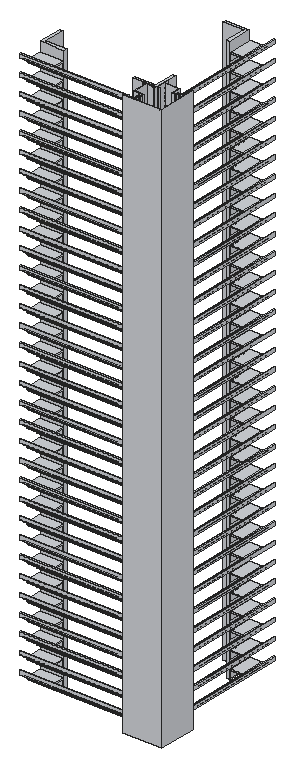
Revit family "ES-EL-2 (Box Corner)", category Mechanical Equipment, Revit 2015 (continued)
Automatic sketch dimensions
  Extrusion 56 sketch curve to Extrusion 56 sketch curve = 0' - 0.05466"
  Extrusion 56 sketch curve to Extrusion 56 sketch curve = 0' - 0.08634"
  Extrusion 56 sketch curve to Extrusion 56 sketch curve = 0' - 0.0603"
  Extrusion 56 sketch curve to Extrusion 56 sketch curve = 0' - 0.05923"
  Extrusion 56 sketch curve to Extrusion 56 sketch curve = 0' - 0.03824"
  Extrusion 56 sketch curve to Extrusion 56 sketch curve = 0' - 0.02856"
  Extrusion 56 sketch curve to Extrusion 56 sketch curve = 0' - 0.01716"
  Extrusion 56 sketch curve to Extrusion 56 sketch curve = 0' - 0.08747"
  Extrusion 56 sketch curve to Extrusion 56 sketch curve = 0' - 0.01878"
  Extrusion 56 sketch curve to Extrusion 56 sketch curve = 0' - 0.03113"
  Extrusion 56 sketch curve to Extrusion 56 sketch curve = 0' - 0.06323"
  Extrusion 56 sketch curve to Extrusion 56 sketch curve = 0' - 0.04564"
  Extrusion 56 sketch curve to Extrusion 56 sketch curve = 0' - 0.03681"
  Extrusion 56 sketch curve to Extrusion 56 sketch curve = 0' - 0.00656"
  Extrusion 56 sketch curve to Extrusion 56 sketch curve = 0' - 0.04106"
  Extrusion 56 sketch curve to Extrusion 56 sketch curve = 0' - 0.04775"
  Extrusion 56 sketch curve to Extrusion 56 sketch curve = 0' - 0.03768"
  Extrusion 56 sketch curve to Extrusion 56 sketch curve = 0' - 0.03841"
  Extrusion 56 sketch curve to Extrusion 56 sketch curve = 0' - 0.03993"
  Extrusion 56 sketch curve to Extrusion 56 sketch curve = 0' - 0.01637"
  Extrusion 56 sketch curve to Extrusion 56 sketch curve = 0' - 0 1/8"
  Extrusion 56 sketch curve to Extrusion 56 sketch curve = 0' - 0.03201"
  Extrusion 56 sketch curve to Extrusion 56 sketch curve = 0' - 0.01218"
  Extrusion 56 sketch curve to Extrusion 56 sketch curve = 0' - 0.00093"
  Extrusion 56 sketch curve to Extrusion 56 sketch curve = 0' - 0.06293"
  Extrusion 56 sketch curve to Extrusion 56 sketch curve = 0' - 0.01359"
  Extrusion 56 sketch curve to Extrusion 56 sketch curve = 0' - 0.06169"
  Extrusion 56 sketch curve to Extrusion 56 sketch curve = 0' - 0.06257"
  Extrusion 56 sketch curve to Extrusion 56 sketch curve = 0' - 0.20021"
  Extrusion 56 sketch curve to Extrusion 56 sketch curve = 0' - 0.05817"
  Extrusion 56 sketch curve to Extrusion 56 sketch curve = 0' - 0.14616"
  Extrusion 56 sketch curve to Extrusion 56 sketch curve = 0' - 0.28177"
  Extrusion 56 sketch curve to Extrusion 56 sketch curve = 0' - 0.11395"
  Extrusion 56 sketch curve to Extrusion 56 sketch curve = 0' - 0.02803"
  Extrusion 56 sketch curve to Extrusion 56 sketch curve = 0' - 0.04285"
  Extrusion 56 sketch curve to Extrusion 56 sketch curve = 0' - 0.05082"
  Extrusion 56 sketch curve to Extrusion 56 sketch curve = 0' - 0.04592"
  Extrusion 56 sketch curve to Extrusion 56 sketch curve = 0' - 0.05616"
  Extrusion 56 sketch curve to Extrusion 56 sketch curve = 0' - 0.04871"
  Extrusion 57 sketch curve to Extrusion 57 sketch curve = 0' - 0.059"
  Extrusion 57 sketch curve to Extrusion 57 sketch curve = 0' - 0.09455"
  Extrusion 57 sketch curve to Extrusion 57 sketch curve = 0' - 0.16713"
  Extrusion 57 sketch curve to Extrusion 57 sketch curve = 0' - 0.10396"
  Extrusion 57 sketch curve to Extrusion 57 sketch curve = 0' - 0.04188"
  Extrusion 57 sketch curve to Extrusion 57 sketch curve = 0' - 0.07328"
  Extrusion 57 sketch curve to Extrusion 57 sketch curve = 0' - 0.03705"
  Extrusion 57 sketch curve to Extrusion 57 sketch curve = 0' - 0.06678"
  Extrusion 57 sketch curve to Extrusion 57 sketch curve = 0' - 0.03441"
  Extrusion 57 sketch curve to Extrusion 57 sketch curve = 0' - 0.08971"
  Extrusion 57 sketch curve to Extrusion 57 sketch curve = 0' - 0.06591"
  Extrusion 57 sketch curve to Extrusion 57 sketch curve = 0' - 0.02101"
  Extrusion 57 sketch curve to Extrusion 57 sketch curve = 0' - 0.08093"
  Extrusion 57 sketch curve to Extrusion 57 sketch curve = 0' - 0.0092"
  Extrusion 57 sketch curve to Extrusion 57 sketch curve = 0' - 0.0249"
  Extrusion 57 sketch curve to Extrusion 57 sketch curve = 0' - 0.04679"
  Extrusion 57 sketch curve to Extrusion 57 sketch curve = 0' - 0.04475"
  Extrusion 57 sketch curve to Extrusion 57 sketch curve = 0' - 0.03472"
  Extrusion 57 sketch curve to Extrusion 57 sketch curve = 0' - 0.04794"
  Extrusion 57 sketch curve to Extrusion 57 sketch curve = 0' - 0.09251"
  Extrusion 57 sketch curve to Extrusion 57 sketch curve = 0' - 0.01641"
  Extrusion 57 sketch curve to Extrusion 57 sketch curve = 0' - 0.10787"
  Extrusion 57 sketch curve to Extrusion 57 sketch curve = 0' - 0.07052"
  Extrusion 57 sketch curve to Extrusion 57 sketch curve = 0' - 0.02971"
  Extrusion 57 sketch curve to Extrusion 57 sketch curve = 0' - 0.03652"
  Extrusion 57 sketch curve to Extrusion 57 sketch curve = 0' - 0.06407"
  Extrusion 57 sketch curve to Extrusion 57 sketch curve = 0' - 0.0028"
  Extrusion 57 sketch curve to Extrusion 57 sketch curve = 0' - 0.17908"
  Extrusion 57 sketch curve to Extrusion 57 sketch curve = 0' - 0.0484"
  Extrusion 57 sketch curve to Extrusion 57 sketch curve = 0' - 0.00685"
  Extrusion 57 sketch curve to Extrusion 57 sketch curve = 0' - 0.02635"
  Extrusion 57 sketch curve to Extrusion 57 sketch curve = 0' - 0.03989"
  Extrusion 57 sketch curve to Extrusion 57 sketch curve = 0' - 0.07851"
  Extrusion 57 sketch curve to Extrusion 57 sketch curve = 0' - 0.04274"
  Extrusion 57 sketch curve to Extrusion 57 sketch curve = 0' - 0.05351"
  Extrusion 57 sketch curve to Extrusion 57 sketch curve = 0' - 0.13725"
  Extrusion 57 sketch curve to Extrusion 57 sketch curve = 0' - 0.01694"
  Extrusion 57 sketch curve to Extrusion 57 sketch curve = 0' - 0.06256"
  Extrusion 57 sketch curve to Extrusion 57 sketch curve = 0' - 0.06379"
  Extrusion 57 sketch curve to Extrusion 57 sketch curve = 0' - 0.06947"
  Extrusion 57 sketch curve to Extrusion 57 sketch curve = 0' - 0.00615"
  Extrusion 57 sketch curve to Extrusion 57 sketch curve = 0' - 0.0107"
  Extrusion 57 sketch curve to Extrusion 57 sketch curve = 0' - 0.06383"
  Extrusion 57 sketch curve to Extrusion 57 sketch curve = 0' - 0.00524"
  Extrusion 57 sketch curve to Extrusion 57 sketch curve = 0' - 0.05333"
  Extrusion 57 sketch curve to Extrusion 57 sketch curve = 0' - 0.02167"
  Extrusion 57 sketch curve to Extrusion 57 sketch curve = 0' - 0.06255"
  Extrusion 57 sketch curve to Extrusion 57 sketch curve = 0' - 0.01996"
  Extrusion 57 sketch curve to Extrusion 57 sketch curve = 0' - 0.07389"
  Extrusion 57 sketch curve to Extrusion 57 sketch curve = 0' - 0.08882"
  Extrusion 57 sketch curve to Extrusion 57 sketch curve = 0' - 0.14048"
  Extrusion 57 sketch curve to Extrusion 57 sketch curve = 0' - 0.13587"
  Extrusion 57 sketch curve to Extrusion 57 sketch curve = 0' - 0.03118"
  Extrusion 57 sketch curve to Extrusion 57 sketch curve = 0' - 0.07571"
  Extrusion 57 sketch curve to Extrusion 57 sketch curve = 0' - 0.01536"
  Extrusion 57 sketch curve to Extrusion 57 sketch curve = 0' - 0.04056"
  Extrusion 57 sketch curve to Extrusion 57 sketch curve = 0' - 0.01509"
  Extrusion 57 sketch curve to Extrusion 57 sketch curve = 0' - 0.03469"
  Extrusion 57 sketch curve to Extrusion 57 sketch curve = 0' - 0.06126"
  Extrusion 57 sketch curve to Extrusion 57 sketch curve = 0' - 0.11488"
  Extrusion 57 sketch curve to Extrusion 57 sketch curve = 0' - 0.04313"
  Extrusion 57 sketch curve to Extrusion 57 sketch curve = 0' - 0.03758"
  Extrusion 57 sketch curve to Extrusion 57 sketch curve = 0' - 0.00683"
  Extrusion 57 sketch curve to Extrusion 57 sketch curve = 0' - 0.05466"
  Extrusion 57 sketch curve to Extrusion 57 sketch curve = 0' - 0.08634"
  Extrusion 57 sketch curve to Extrusion 57 sketch curve = 0' - 0.0603"
  Extrusion 57 sketch curve to Extrusion 57 sketch curve = 0' - 0.05923"
  Extrusion 57 sketch curve to Extrusion 57 sketch curve = 0' - 0.03824"
  Extrusion 57 sketch curve to Extrusion 57 sketch curve = 0' - 0.02856"
  Extrusion 57 sketch curve to Extrusion 57 sketch curve = 0' - 0.01716"
  Extrusion 57 sketch curve to Extrusion 57 sketch curve = 0' - 0.08747"
  Extrusion 57 sketch curve to Extrusion 57 sketch curve = 0' - 0.01878"
  Extrusion 57 sketch curve to Extrusion 57 sketch curve = 0' - 0.03113"
  Extrusion 57 sketch curve to Extrusion 57 sketch curve = 0' - 0.06323"
  Extrusion 57 sketch curve to Extrusion 57 sketch curve = 0' - 0.04564"
  Extrusion 57 sketch curve to Extrusion 57 sketch curve = 0' - 0.03681"
  Extrusion 57 sketch curve to Extrusion 57 sketch curve = 0' - 0.00656"
  Extrusion 57 sketch curve to Extrusion 57 sketch curve = 0' - 0.04106"
  Extrusion 57 sketch curve to Extrusion 57 sketch curve = 0' - 0.04775"
  Extrusion 57 sketch curve to Extrusion 57 sketch curve = 0' - 0.03768"
  Extrusion 57 sketch curve to Extrusion 57 sketch curve = 0' - 0.03841"
  Extrusion 57 sketch curve to Extrusion 57 sketch curve = 0' - 0.03993"
  Extrusion 57 sketch curve to Extrusion 57 sketch curve = 0' - 0.01637"
  Extrusion 57 sketch curve to Extrusion 57 sketch curve = 0' - 0 1/8"
  Extrusion 57 sketch curve to Extrusion 57 sketch curve = 0' - 0.03201"
  Extrusion 57 sketch curve to Extrusion 57 sketch curve = 0' - 0.01218"
  Extrusion 57 sketch curve to Extrusion 57 sketch curve = 0' - 0.00093"
  Extrusion 57 sketch curve to Extrusion 57 sketch curve = 0' - 0.06293"
  Extrusion 57 sketch curve to Extrusion 57 sketch curve = 0' - 0.01359"
  Extrusion 57 sketch curve to Extrusion 57 sketch curve = 0' - 0.06169"
  Extrusion 57 sketch curve to Extrusion 57 sketch curve = 0' - 0.06257"
  Extrusion 57 sketch curve to Extrusion 57 sketch curve = 0' - 0.20021"
  Extrusion 57 sketch curve to Extrusion 57 sketch curve = 0' - 0.05817"
  Extrusion 57 sketch curve to Extrusion 57 sketch curve = 0' - 0.14616"
  Extrusion 57 sketch curve to Extrusion 57 sketch curve = 0' - 0.28177"
  Extrusion 57 sketch curve to Extrusion 57 sketch curve = 0' - 0.11395"
  Extrusion 57 sketch curve to Extrusion 57 sketch curve = 0' - 0.02803"
  Extrusion 57 sketch curve to Extrusion 57 sketch curve = 0' - 0.04285"
  Extrusion 57 sketch curve to Extrusion 57 sketch curve = 0' - 0.05082"
  Extrusion 57 sketch curve to Extrusion 57 sketch curve = 0' - 0.04592"
  Extrusion 57 sketch curve to Extrusion 57 sketch curve = 0' - 0.05616"
  Extrusion 57 sketch curve to Extrusion 57 sketch curve = 0' - 0.04871"
  Extrusion 58 sketch curve to Extrusion 58 sketch curve = 0' - 0.059"
  Extrusion 58 sketch curve to Extrusion 58 sketch curve = 0' - 0.09455"
  Extrusion 58 sketch curve to Extrusion 58 sketch curve = 0' - 0.16713"
  Extrusion 58 sketch curve to Extrusion 58 sketch curve = 0' - 0.10396"
  Extrusion 58 sketch curve to Extrusion 58 sketch curve = 0' - 0.04188"
  Extrusion 58 sketch curve to Extrusion 58 sketch curve = 0' - 0.07328"
  Extrusion 58 sketch curve to Extrusion 58 sketch curve = 0' - 0.03705"
  Extrusion 58 sketch curve to Extrusion 58 sketch curve = 0' - 0.06678"
  Extrusion 58 sketch curve to Extrusion 58 sketch curve = 0' - 0.03441"
  Extrusion 58 sketch curve to Extrusion 58 sketch curve = 0' - 0.08971"
  Extrusion 58 sketch curve to Extrusion 58 sketch curve = 0' - 0.06591"
  Extrusion 58 sketch curve to Extrusion 58 sketch curve = 0' - 0.02101"
  Extrusion 58 sketch curve to Extrusion 58 sketch curve = 0' - 0.08093"
  Extrusion 58 sketch curve to Extrusion 58 sketch curve = 0' - 0.0092"
  Extrusion 58 sketch curve to Extrusion 58 sketch curve = 0' - 0.0249"
  Extrusion 58 sketch curve to Extrusion 58 sketch curve = 0' - 0.04679"
  Extrusion 58 sketch curve to Extrusion 58 sketch curve = 0' - 0.04475"
  Extrusion 58 sketch curve to Extrusion 58 sketch curve = 0' - 0.03472"
  Extrusion 58 sketch curve to Extrusion 58 sketch curve = 0' - 0.04794"
  Extrusion 58 sketch curve to Extrusion 58 sketch curve = 0' - 0.09251"
  Extrusion 58 sketch curve to Extrusion 58 sketch curve = 0' - 0.01641"
  Extrusion 58 sketch curve to Extrusion 58 sketch curve = 0' - 0.10787"
  Extrusion 58 sketch curve to Extrusion 58 sketch curve = 0' - 0.07052"
  Extrusion 58 sketch curve to Extrusion 58 sketch curve = 0' - 0.02971"
  Extrusion 58 sketch curve to Extrusion 58 sketch curve = 0' - 0.03652"
  Extrusion 58 sketch curve to Extrusion 58 sketch curve = 0' - 0.06407"
  Extrusion 58 sketch curve to Extrusion 58 sketch curve = 0' - 0.0028"
  Extrusion 58 sketch curve to Extrusion 58 sketch curve = 0' - 0.17908"
  Extrusion 58 sketch curve to Extrusion 58 sketch curve = 0' - 0.0484"
  Extrusion 58 sketch curve to Extrusion 58 sketch curve = 0' - 0.00685"
  Extrusion 58 sketch curve to Extrusion 58 sketch curve = 0' - 0.02635"
  Extrusion 58 sketch curve to Extrusion 58 sketch curve = 0' - 0.03989"
  Extrusion 58 sketch curve to Extrusion 58 sketch curve = 0' - 0.07851"
  Extrusion 58 sketch curve to Extrusion 58 sketch curve = 0' - 0.04274"
  Extrusion 58 sketch curve to Extrusion 58 sketch curve = 0' - 0.05351"
  Extrusion 58 sketch curve to Extrusion 58 sketch curve = 0' - 0.13725"
  Extrusion 58 sketch curve to Extrusion 58 sketch curve = 0' - 0.01694"
  Extrusion 58 sketch curve to Extrusion 58 sketch curve = 0' - 0.06256"
  Extrusion 58 sketch curve to Extrusion 58 sketch curve = 0' - 0.06379"
  Extrusion 58 sketch curve to Extrusion 58 sketch curve = 0' - 0.06947"
  Extrusion 58 sketch curve to Extrusion 58 sketch curve = 0' - 0.00615"
  Extrusion 58 sketch curve to Extrusion 58 sketch curve = 0' - 0.0107"
  Extrusion 58 sketch curve to Extrusion 58 sketch curve = 0' - 0.06383"
  Extrusion 58 sketch curve to Extrusion 58 sketch curve = 0' - 0.00524"
  Extrusion 58 sketch curve to Extrusion 58 sketch curve = 0' - 0.05333"
  Extrusion 58 sketch curve to Extrusion 58 sketch curve = 0' - 0.02167"
  Extrusion 58 sketch curve to Extrusion 58 sketch curve = 0' - 0.06255"
  Extrusion 58 sketch curve to Extrusion 58 sketch curve = 0' - 0.01996"
  Extrusion 58 sketch curve to Extrusion 58 sketch curve = 0' - 0.07389"
  Extrusion 58 sketch curve to Extrusion 58 sketch curve = 0' - 0.08882"
  Extrusion 58 sketch curve to Extrusion 58 sketch curve = 0' - 0.14048"
  Extrusion 58 sketch curve to Extrusion 58 sketch curve = 0' - 0.13587"
  Extrusion 58 sketch curve to Extrusion 58 sketch curve = 0' - 0.03118"
  Extrusion 58 sketch curve to Extrusion 58 sketch curve = 0' - 0.07571"
  Extrusion 58 sketch curve to Extrusion 58 sketch curve = 0' - 0.01536"
  Extrusion 58 sketch curve to Extrusion 58 sketch curve = 0' - 0.04056"
  Extrusion 58 sketch curve to Extrusion 58 sketch curve = 0' - 0.01509"
  Extrusion 58 sketch curve to Extrusion 58 sketch curve = 0' - 0.03469"
  Extrusion 58 sketch curve to Extrusion 58 sketch curve = 0' - 0.06126"
  Extrusion 58 sketch curve to Extrusion 58 sketch curve = 0' - 0.11488"
  Extrusion 58 sketch curve to Extrusion 58 sketch curve = 0' - 0.04313"
  Extrusion 58 sketch curve to Extrusion 58 sketch curve = 0' - 0.03758"
  Extrusion 58 sketch curve to Extrusion 58 sketch curve = 0' - 0.00683"
  Extrusion 58 sketch curve to Extrusion 58 sketch curve = 0' - 0.05466"
  Extrusion 58 sketch curve to Extrusion 58 sketch curve = 0' - 0.08634"
  Extrusion 58 sketch curve to Extrusion 58 sketch curve = 0' - 0.0603"
  Extrusion 58 sketch curve to Extrusion 58 sketch curve = 0' - 0.05923"
  Extrusion 58 sketch curve to Extrusion 58 sketch curve = 0' - 0.03824"
  Extrusion 58 sketch curve to Extrusion 58 sketch curve = 0' - 0.02856"
  Extrusion 58 sketch curve to Extrusion 58 sketch curve = 0' - 0.01716"
  Extrusion 58 sketch curve to Extrusion 58 sketch curve = 0' - 0.08747"
  Extrusion 58 sketch curve to Extrusion 58 sketch curve = 0' - 0.01878"
  Extrusion 58 sketch curve to Extrusion 58 sketch curve = 0' - 0.03113"
  Extrusion 58 sketch curve to Extrusion 58 sketch curve = 0' - 0.06323"
  Extrusion 58 sketch curve to Extrusion 58 sketch curve = 0' - 0.04564"
  Extrusion 58 sketch curve to Extrusion 58 sketch curve = 0' - 0.03681"
  Extrusion 58 sketch curve to Extrusion 58 sketch curve = 0' - 0.00656"
  Extrusion 58 sketch curve to Extrusion 58 sketch curve = 0' - 0.04106"
  Extrusion 58 sketch curve to Extrusion 58 sketch curve = 0' - 0.04775"
  Extrusion 58 sketch curve to Extrusion 58 sketch curve = 0' - 0.03768"
  Extrusion 58 sketch curve to Extrusion 58 sketch curve = 0' - 0.03841"
  Extrusion 58 sketch curve to Extrusion 58 sketch curve = 0' - 0.03993"
  Extrusion 58 sketch curve to Extrusion 58 sketch curve = 0' - 0.01637"
  Extrusion 58 sketch curve to Extrusion 58 sketch curve = 0' - 0 1/8"
  Extrusion 58 sketch curve to Extrusion 58 sketch curve = 0' - 0.03201"
  Extrusion 58 sketch curve to Extrusion 58 sketch curve = 0' - 0.01218"
  Extrusion 58 sketch curve to Extrusion 58 sketch curve = 0' - 0.00093"
  Extrusion 58 sketch curve to Extrusion 58 sketch curve = 0' - 0.06293"
  Extrusion 58 sketch curve to Extrusion 58 sketch curve = 0' - 0.01359"
  Extrusion 58 sketch curve to Extrusion 58 sketch curve = 0' - 0.06169"
  Extrusion 58 sketch curve to Extrusion 58 sketch curve = 0' - 0.06257"
  Extrusion 58 sketch curve to Extrusion 58 sketch curve = 0' - 0.20021"
  Extrusion 58 sketch curve to Extrusion 58 sketch curve = 0' - 0.05817"
  Extrusion 58 sketch curve to Extrusion 58 sketch curve = 0' - 0.14616"
  Extrusion 58 sketch curve to Extrusion 58 sketch curve = 0' - 0.28177"
  Extrusion 58 sketch curve to Extrusion 58 sketch curve = 0' - 0.11395"
  Extrusion 58 sketch curve to Extrusion 58 sketch curve = 0' - 0.02803"
  Extrusion 58 sketch curve to Extrusion 58 sketch curve = 0' - 0.04285"
  Extrusion 58 sketch curve to Extrusion 58 sketch curve = 0' - 0.05082"
  Extrusion 58 sketch curve to Extrusion 58 sketch curve = 0' - 0.04592"
  Extrusion 58 sketch curve to Extrusion 58 sketch curve = 0' - 0.05616"
  Extrusion 58 sketch curve to Extrusion 58 sketch curve = 0' - 0.04871"
  Extrusion 59 sketch curve to Extrusion 59 sketch curve = 0' - 0.059"
  Extrusion 59 sketch curve to Extrusion 59 sketch curve = 0' - 0.09455"
  Extrusion 59 sketch curve to Extrusion 59 sketch curve = 0' - 0.16713"
  Extrusion 59 sketch curve to Extrusion 59 sketch curve = 0' - 0.10396"
  Extrusion 59 sketch curve to Extrusion 59 sketch curve = 0' - 0.04188"
  Extrusion 59 sketch curve to Extrusion 59 sketch curve = 0' - 0.07328"
  Extrusion 59 sketch curve to Extrusion 59 sketch curve = 0' - 0.03705"
  Extrusion 59 sketch curve to Extrusion 59 sketch curve = 0' - 0.06678"
  Extrusion 59 sketch curve to Extrusion 59 sketch curve = 0' - 0.03441"
  Extrusion 59 sketch curve to Extrusion 59 sketch curve = 0' - 0.08971"
  Extrusion 59 sketch curve to Extrusion 59 sketch curve = 0' - 0.06591"
  Extrusion 59 sketch curve to Extrusion 59 sketch curve = 0' - 0.02101"
  Extrusion 59 sketch curve to Extrusion 59 sketch curve = 0' - 0.08093"
  Extrusion 59 sketch curve to Extrusion 59 sketch curve = 0' - 0.0092"
  Extrusion 59 sketch curve to Extrusion 59 sketch curve = 0' - 0.0249"
  Extrusion 59 sketch curve to Extrusion 59 sketch curve = 0' - 0.04679"
  Extrusion 59 sketch curve to Extrusion 59 sketch curve = 0' - 0.04475"
  Extrusion 59 sketch curve to Extrusion 59 sketch curve = 0' - 0.03472"
  Extrusion 59 sketch curve to Extrusion 59 sketch curve = 0' - 0.04794"
  Extrusion 59 sketch curve to Extrusion 59 sketch curve = 0' - 0.09251"
  Extrusion 59 sketch curve to Extrusion 59 sketch curve = 0' - 0.01641"
  Extrusion 59 sketch curve to Extrusion 59 sketch curve = 0' - 0.10787"
  Extrusion 59 sketch curve to Extrusion 59 sketch curve = 0' - 0.07052"
  Extrusion 59 sketch curve to Extrusion 59 sketch curve = 0' - 0.02971"
  Extrusion 59 sketch curve to Extrusion 59 sketch curve = 0' - 0.03652"
  Extrusion 59 sketch curve to Extrusion 59 sketch curve = 0' - 0.06407"
  Extrusion 59 sketch curve to Extrusion 59 sketch curve = 0' - 0.0028"
  Extrusion 59 sketch curve to Extrusion 59 sketch curve = 0' - 0.17908"
  Extrusion 59 sketch curve to Extrusion 59 sketch curve = 0' - 0.0484"
  Extrusion 59 sketch curve to Extrusion 59 sketch curve = 0' - 0.00685"
  Extrusion 59 sketch curve to Extrusion 59 sketch curve = 0' - 0.02635"
  Extrusion 59 sketch curve to Extrusion 59 sketch curve = 0' - 0.03989"
  Extrusion 59 sketch curve to Extrusion 59 sketch curve = 0' - 0.07851"
  Extrusion 59 sketch curve to Extrusion 59 sketch curve = 0' - 0.04274"
  Extrusion 59 sketch curve to Extrusion 59 sketch curve = 0' - 0.05351"
  Extrusion 59 sketch curve to Extrusion 59 sketch curve = 0' - 0.13725"
  Extrusion 59 sketch curve to Extrusion 59 sketch curve = 0' - 0.01694"
  Extrusion 59 sketch curve to Extrusion 59 sketch curve = 0' - 0.06256"
  Extrusion 59 sketch curve to Extrusion 59 sketch curve = 0' - 0.06379"
  Extrusion 59 sketch curve to Extrusion 59 sketch curve = 0' - 0.06947"
  Extrusion 59 sketch curve to Extrusion 59 sketch curve = 0' - 0.00615"
  Extrusion 59 sketch curve to Extrusion 59 sketch curve = 0' - 0.0107"
  Extrusion 59 sketch curve to Extrusion 59 sketch curve = 0' - 0.06383"
  Extrusion 59 sketch curve to Extrusion 59 sketch curve = 0' - 0.00524"
  Extrusion 59 sketch curve to Extrusion 59 sketch curve = 0' - 0.05333"
  Extrusion 59 sketch curve to Extrusion 59 sketch curve = 0' - 0.02167"
  Extrusion 59 sketch curve to Extrusion 59 sketch curve = 0' - 0.06255"
  Extrusion 59 sketch curve to Extrusion 59 sketch curve = 0' - 0.01996"
  Extrusion 59 sketch curve to Extrusion 59 sketch curve = 0' - 0.07389"
  Extrusion 59 sketch curve to Extrusion 59 sketch curve = 0' - 0.08882"
  Extrusion 59 sketch curve to Extrusion 59 sketch curve = 0' - 0.14048"
  Extrusion 59 sketch curve to Extrusion 59 sketch curve = 0' - 0.13587"
  Extrusion 59 sketch curve to Extrusion 59 sketch curve = 0' - 0.03118"
  Extrusion 59 sketch curve to Extrusion 59 sketch curve = 0' - 0.07571"
  Extrusion 59 sketch curve to Extrusion 59 sketch curve = 0' - 0.01536"
  Extrusion 59 sketch curve to Extrusion 59 sketch curve = 0' - 0.04056"
  Extrusion 59 sketch curve to Extrusion 59 sketch curve = 0' - 0.01509"
  Extrusion 59 sketch curve to Extrusion 59 sketch curve = 0' - 0.03469"
  Extrusion 59 sketch curve to Extrusion 59 sketch curve = 0' - 0.06126"
  Extrusion 59 sketch curve to Extrusion 59 sketch curve = 0' - 0.11488"
  Extrusion 59 sketch curve to Extrusion 59 sketch curve = 0' - 0.04313"
  Extrusion 59 sketch curve to Extrusion 59 sketch curve = 0' - 0.03758"
  Extrusion 59 sketch curve to Extrusion 59 sketch curve = 0' - 0.00683"
  Extrusion 59 sketch curve to Extrusion 59 sketch curve = 0' - 0.05466"
  Extrusion 59 sketch curve to Extrusion 59 sketch curve = 0' - 0.08634"
  Extrusion 59 sketch curve to Extrusion 59 sketch curve = 0' - 0.0603"
  Extrusion 59 sketch curve to Extrusion 59 sketch curve = 0' - 0.05923"
  Extrusion 59 sketch curve to Extrusion 59 sketch curve = 0' - 0.03824"
  Extrusion 59 sketch curve to Extrusion 59 sketch curve = 0' - 0.02856"
  Extrusion 59 sketch curve to Extrusion 59 sketch curve = 0' - 0.01716"
  Extrusion 59 sketch curve to Extrusion 59 sketch curve = 0' - 0.08747"
  Extrusion 59 sketch curve to Extrusion 59 sketch curve = 0' - 0.01878"
  Extrusion 59 sketch curve to Extrusion 59 sketch curve = 0' - 0.03113"
  Extrusion 59 sketch curve to Extrusion 59 sketch curve = 0' - 0.06323"
  Extrusion 59 sketch curve to Extrusion 59 sketch curve = 0' - 0.04564"
  Extrusion 59 sketch curve to Extrusion 59 sketch curve = 0' - 0.03681"
  Extrusion 59 sketch curve to Extrusion 59 sketch curve = 0' - 0.00656"
  Extrusion 59 sketch curve to Extrusion 59 sketch curve = 0' - 0.04106"
  Extrusion 59 sketch curve to Extrusion 59 sketch curve = 0' - 0.04775"
  Extrusion 59 sketch curve to Extrusion 59 sketch curve = 0' - 0.03768"
  Extrusion 59 sketch curve to Extrusion 59 sketch curve = 0' - 0.03841"
  Extrusion 59 sketch curve to Extrusion 59 sketch curve = 0' - 0.03993"
  Extrusion 59 sketch curve to Extrusion 59 sketch curve = 0' - 0.01637"
  Extrusion 59 sketch curve to Extrusion 59 sketch curve = 0' - 0 1/8"
  Extrusion 59 sketch curve to Extrusion 59 sketch curve = 0' - 0.03201"
  Extrusion 59 sketch curve to Extrusion 59 sketch curve = 0' - 0.01218"
  Extrusion 59 sketch curve to Extrusion 59 sketch curve = 0' - 0.00093"
  Extrusion 59 sketch curve to Extrusion 59 sketch curve = 0' - 0.06293"
  Extrusion 59 sketch curve to Extrusion 59 sketch curve = 0' - 0.01359"
  Extrusion 59 sketch curve to Extrusion 59 sketch curve = 0' - 0.06169"
  Extrusion 59 sketch curve to Extrusion 59 sketch curve = 0' - 0.06257"
  Extrusion 59 sketch curve to Extrusion 59 sketch curve = 0' - 0.20021"
  Extrusion 59 sketch curve to Extrusion 59 sketch curve = 0' - 0.05817"
  Extrusion 59 sketch curve to Extrusion 59 sketch curve = 0' - 0.14616"
  Extrusion 59 sketch curve to Extrusion 59 sketch curve = 0' - 0.28177"
  Extrusion 59 sketch curve to Extrusion 59 sketch curve = 0' - 0.11395"
  Extrusion 59 sketch curve to Extrusion 59 sketch curve = 0' - 0.02803"
  Extrusion 59 sketch curve to Extrusion 59 sketch curve = 0' - 0.04285"
  Extrusion 59 sketch curve to Extrusion 59 sketch curve = 0' - 0.05082"
  Extrusion 59 sketch curve to Extrusion 59 sketch curve = 0' - 0.04592"
  Extrusion 59 sketch curve to Extrusion 59 sketch curve = 0' - 0.05616"
  Extrusion 59 sketch curve to Extrusion 59 sketch curve = 0' - 0.04871"
  Extrusion 60 sketch curve to Extrusion 60 sketch curve = 0' - 0.059"
  Extrusion 60 sketch curve to Extrusion 60 sketch curve = 0' - 0.09455"
  Extrusion 60 sketch curve to Extrusion 60 sketch curve = 0' - 0.16713"
  Extrusion 60 sketch curve to Extrusion 60 sketch curve = 0' - 0.10396"
  Extrusion 60 sketch curve to Extrusion 60 sketch curve = 0' - 0.04188"
  Extrusion 60 sketch curve to Extrusion 60 sketch curve = 0' - 0.07328"
  Extrusion 60 sketch curve to Extrusion 60 sketch curve = 0' - 0.03705"
  Extrusion 60 sketch curve to Extrusion 60 sketch curve = 0' - 0.06678"
  Extrusion 60 sketch curve to Extrusion 60 sketch curve = 0' - 0.03441"
  Extrusion 60 sketch curve to Extrusion 60 sketch curve = 0' - 0.08971"
  Extrusion 60 sketch curve to Extrusion 60 sketch curve = 0' - 0.06591"
  Extrusion 60 sketch curve to Extrusion 60 sketch curve = 0' - 0.02101"
  Extrusion 60 sketch curve to Extrusion 60 sketch curve = 0' - 0.08093"
  Extrusion 60 sketch curve to Extrusion 60 sketch curve = 0' - 0.0092"
  Extrusion 60 sketch curve to Extrusion 60 sketch curve = 0' - 0.0249"
  Extrusion 60 sketch curve to Extrusion 60 sketch curve = 0' - 0.04679"
  Extrusion 60 sketch curve to Extrusion 60 sketch curve = 0' - 0.04475"
  Extrusion 60 sketch curve to Extrusion 60 sketch curve = 0' - 0.03472"
  Extrusion 60 sketch curve to Extrusion 60 sketch curve = 0' - 0.04794"
  Extrusion 60 sketch curve to Extrusion 60 sketch curve = 0' - 0.09251"
  Extrusion 60 sketch curve to Extrusion 60 sketch curve = 0' - 0.01641"
  Extrusion 60 sketch curve to Extrusion 60 sketch curve = 0' - 0.10787"
  Extrusion 60 sketch curve to Extrusion 60 sketch curve = 0' - 0.07052"
  Extrusion 60 sketch curve to Extrusion 60 sketch curve = 0' - 0.02971"
  Extrusion 60 sketch curve to Extrusion 60 sketch curve = 0' - 0.03652"
  Extrusion 60 sketch curve to Extrusion 60 sketch curve = 0' - 0.06407"
  Extrusion 60 sketch curve to Extrusion 60 sketch curve = 0' - 0.0028"
  Extrusion 60 sketch curve to Extrusion 60 sketch curve = 0' - 0.17908"
  Extrusion 60 sketch curve to Extrusion 60 sketch curve = 0' - 0.0484"
  Extrusion 60 sketch curve to Extrusion 60 sketch curve = 0' - 0.00685"
  Extrusion 60 sketch curve to Extrusion 60 sketch curve = 0' - 0.02635"
  Extrusion 60 sketch curve to Extrusion 60 sketch curve = 0' - 0.03989"
  Extrusion 60 sketch curve to Extrusion 60 sketch curve = 0' - 0.07851"
  Extrusion 60 sketch curve to Extrusion 60 sketch curve = 0' - 0.04274"
  Extrusion 60 sketch curve to Extrusion 60 sketch curve = 0' - 0.05351"
  Extrusion 60 sketch curve to Extrusion 60 sketch curve = 0' - 0.13725"
  Extrusion 60 sketch curve to Extrusion 60 sketch curve = 0' - 0.01694"
  Extrusion 60 sketch curve to Extrusion 60 sketch curve = 0' - 0.06256"
  Extrusion 60 sketch curve to Extrusion 60 sketch curve = 0' - 0.06379"
  Extrusion 60 sketch curve to Extrusion 60 sketch curve = 0' - 0.06947"
  Extrusion 60 sketch curve to Extrusion 60 sketch curve = 0' - 0.00615"
  Extrusion 60 sketch curve to Extrusion 60 sketch curve = 0' - 0.0107"
  Extrusion 60 sketch curve to Extrusion 60 sketch curve = 0' - 0.06383"
  Extrusion 60 sketch curve to Extrusion 60 sketch curve = 0' - 0.00524"
  Extrusion 60 sketch curve to Extrusion 60 sketch curve = 0' - 0.05333"
  Extrusion 60 sketch curve to Extrusion 60 sketch curve = 0' - 0.02167"
  Extrusion 60 sketch curve to Extrusion 60 sketch curve = 0' - 0.06255"
  Extrusion 60 sketch curve to Extrusion 60 sketch curve = 0' - 0.01996"
  Extrusion 60 sketch curve to Extrusion 60 sketch curve = 0' - 0.07389"
  Extrusion 60 sketch curve to Extrusion 60 sketch curve = 0' - 0.08882"
  Extrusion 60 sketch curve to Extrusion 60 sketch curve = 0' - 0.14048"
  Extrusion 60 sketch curve to Extrusion 60 sketch curve = 0' - 0.13587"
  Extrusion 60 sketch curve to Extrusion 60 sketch curve = 0' - 0.03118"
  Extrusion 60 sketch curve to Extrusion 60 sketch curve = 0' - 0.07571"
  Extrusion 60 sketch curve to Extrusion 60 sketch curve = 0' - 0.01536"
  Extrusion 60 sketch curve to Extrusion 60 sketch curve = 0' - 0.04056"
  Extrusion 60 sketch curve to Extrusion 60 sketch curve = 0' - 0.01509"
  Extrusion 60 sketch curve to Extrusion 60 sketch curve = 0' - 0.03469"
  Extrusion 60 sketch curve to Extrusion 60 sketch curve = 0' - 0.06126"
  Extrusion 60 sketch curve to Extrusion 60 sketch curve = 0' - 0.11488"
  Extrusion 60 sketch curve to Extrusion 60 sketch curve = 0' - 0.04313"
  Extrusion 60 sketch curve to Extrusion 60 sketch curve = 0' - 0.03758"
  Extrusion 60 sketch curve to Extrusion 60 sketch curve = 0' - 0.00683"
  Extrusion 60 sketch curve to Extrusion 60 sketch curve = 0' - 0.05466"
  Extrusion 60 sketch curve to Extrusion 60 sketch curve = 0' - 0.08634"
  Extrusion 60 sketch curve to Extrusion 60 sketch curve = 0' - 0.0603"
  Extrusion 60 sketch curve to Extrusion 60 sketch curve = 0' - 0.05923"
  Extrusion 60 sketch curve to Extrusion 60 sketch curve = 0' - 0.03824"
  Extrusion 60 sketch curve to Extrusion 60 sketch curve = 0' - 0.02856"
  Extrusion 60 sketch curve to Extrusion 60 sketch curve = 0' - 0.01716"
  Extrusion 60 sketch curve to Extrusion 60 sketch curve = 0' - 0.08747"
  Extrusion 60 sketch curve to Extrusion 60 sketch curve = 0' - 0.01878"
  Extrusion 60 sketch curve to Extrusion 60 sketch curve = 0' - 0.03113"
  Extrusion 60 sketch curve to Extrusion 60 sketch curve = 0' - 0.06323"
  Extrusion 60 sketch curve to Extrusion 60 sketch curve = 0' - 0.04564"
  Extrusion 60 sketch curve to Extrusion 60 sketch curve = 0' - 0.03681"
  Extrusion 60 sketch curve to Extrusion 60 sketch curve = 0' - 0.00656"
  Extrusion 60 sketch curve to Extrusion 60 sketch curve = 0' - 0.04106"
  Extrusion 60 sketch curve to Extrusion 60 sketch curve = 0' - 0.04775"
  Extrusion 60 sketch curve to Extrusion 60 sketch curve = 0' - 0.03768"
  Extrusion 60 sketch curve to Extrusion 60 sketch curve = 0' - 0.03841"
  Extrusion 60 sketch curve to Extrusion 60 sketch curve = 0' - 0.03993"
  Extrusion 60 sketch curve to Extrusion 60 sketch curve = 0' - 0.01637"
  Extrusion 60 sketch curve to Extrusion 60 sketch curve = 0' - 0 1/8"
  Extrusion 60 sketch curve to Extrusion 60 sketch curve = 0' - 0.03201"
  Extrusion 60 sketch curve to Extrusion 60 sketch curve = 0' - 0.01218"
  Extrusion 60 sketch curve to Extrusion 60 sketch curve = 0' - 0.00093"
  Extrusion 60 sketch curve to Extrusion 60 sketch curve = 0' - 0.06293"
  Extrusion 60 sketch curve to Extrusion 60 sketch curve = 0' - 0.01359"
  Extrusion 60 sketch curve to Extrusion 60 sketch curve = 0' - 0.06169"
  Extrusion 60 sketch curve to Extrusion 60 sketch curve = 0' - 0.06257"
  Extrusion 60 sketch curve to Extrusion 60 sketch curve = 0' - 0.20021"
  Extrusion 60 sketch curve to Extrusion 60 sketch curve = 0' - 0.05817"
  Extrusion 60 sketch curve to Extrusion 60 sketch curve = 0' - 0.14616"
  Extrusion 60 sketch curve to Extrusion 60 sketch curve = 0' - 0.28177"
  Extrusion 60 sketch curve to Extrusion 60 sketch curve = 0' - 0.11395"
  Extrusion 60 sketch curve to Extrusion 60 sketch curve = 0' - 0.02803"
  Extrusion 60 sketch curve to Extrusion 60 sketch curve = 0' - 0.04285"
  Extrusion 60 sketch curve to Extrusion 60 sketch curve = 0' - 0.05082"
  Extrusion 60 sketch curve to Extrusion 60 sketch curve = 0' - 0.04592"
  Extrusion 60 sketch curve to Extrusion 60 sketch curve = 0' - 0.05616"
  Extrusion 60 sketch curve to Extrusion 60 sketch curve = 0' - 0.04871"
  Extrusion 61 sketch curve to Extrusion 61 sketch curve = 0' - 0.059"
  Extrusion 61 sketch curve to Extrusion 61 sketch curve = 0' - 0.09455"
  Extrusion 61 sketch curve to Extrusion 61 sketch curve = 0' - 0.16713"
  Extrusion 61 sketch curve to Extrusion 61 sketch curve = 0' - 0.10396"
  Extrusion 61 sketch curve to Extrusion 61 sketch curve = 0' - 0.04188"
  Extrusion 61 sketch curve to Extrusion 61 sketch curve = 0' - 0.07328"
  Extrusion 61 sketch curve to Extrusion 61 sketch curve = 0' - 0.03705"
  Extrusion 61 sketch curve to Extrusion 61 sketch curve = 0' - 0.06678"
  Extrusion 61 sketch curve to Extrusion 61 sketch curve = 0' - 0.03441"
  Extrusion 61 sketch curve to Extrusion 61 sketch curve = 0' - 0.08971"
  Extrusion 61 sketch curve to Extrusion 61 sketch curve = 0' - 0.06591"
  Extrusion 61 sketch curve to Extrusion 61 sketch curve = 0' - 0.02101"
  Extrusion 61 sketch curve to Extrusion 61 sketch curve = 0' - 0.08093"
  Extrusion 61 sketch curve to Extrusion 61 sketch curve = 0' - 0.0092"
  Extrusion 61 sketch curve to Extrusion 61 sketch curve = 0' - 0.0249"
  Extrusion 61 sketch curve to Extrusion 61 sketch curve = 0' - 0.04679"
  Extrusion 61 sketch curve to Extrusion 61 sketch curve = 0' - 0.04475"
  Extrusion 61 sketch curve to Extrusion 61 sketch curve = 0' - 0.03472"
  Extrusion 61 sketch curve to Extrusion 61 sketch curve = 0' - 0.04794"
  Extrusion 61 sketch curve to Extrusion 61 sketch curve = 0' - 0.09251"
  Extrusion 61 sketch curve to Extrusion 61 sketch curve = 0' - 0.01641"
  Extrusion 61 sketch curve to Extrusion 61 sketch curve = 0' - 0.10787"
  Extrusion 61 sketch curve to Extrusion 61 sketch curve = 0' - 0.07052"
  Extrusion 61 sketch curve to Extrusion 61 sketch curve = 0' - 0.02971"
  Extrusion 61 sketch curve to Extrusion 61 sketch curve = 0' - 0.03652"
  Extrusion 61 sketch curve to Extrusion 61 sketch curve = 0' - 0.06407"
  Extrusion 61 sketch curve to Extrusion 61 sketch curve = 0' - 0.0028"
  Extrusion 61 sketch curve to Extrusion 61 sketch curve = 0' - 0.17908"
  Extrusion 61 sketch curve to Extrusion 61 sketch curve = 0' - 0.0484"
  Extrusion 61 sketch curve to Extrusion 61 sketch curve = 0' - 0.00685"
  Extrusion 61 sketch curve to Extrusion 61 sketch curve = 0' - 0.02635"
  Extrusion 61 sketch curve to Extrusion 61 sketch curve = 0' - 0.03989"
  Extrusion 61 sketch curve to Extrusion 61 sketch curve = 0' - 0.07851"
  Extrusion 61 sketch curve to Extrusion 61 sketch curve = 0' - 0.04274"
  Extrusion 61 sketch curve to Extrusion 61 sketch curve = 0' - 0.05351"
  Extrusion 61 sketch curve to Extrusion 61 sketch curve = 0' - 0.13725"
  Extrusion 61 sketch curve to Extrusion 61 sketch curve = 0' - 0.01694"
  Extrusion 61 sketch curve to Extrusion 61 sketch curve = 0' - 0.06256"
  Extrusion 61 sketch curve to Extrusion 61 sketch curve = 0' - 0.06379"
  Extrusion 61 sketch curve to Extrusion 61 sketch curve = 0' - 0.06947"
  Extrusion 61 sketch curve to Extrusion 61 sketch curve = 0' - 0.00615"
  Extrusion 61 sketch curve to Extrusion 61 sketch curve = 0' - 0.0107"
  Extrusion 61 sketch curve to Extrusion 61 sketch curve = 0' - 0.06383"
  Extrusion 61 sketch curve to Extrusion 61 sketch curve = 0' - 0.00524"
  Extrusion 61 sketch curve to Extrusion 61 sketch curve = 0' - 0.05333"
  Extrusion 61 sketch curve to Extrusion 61 sketch curve = 0' - 0.02167"
  Extrusion 61 sketch curve to Extrusion 61 sketch curve = 0' - 0.06255"
  Extrusion 61 sketch curve to Extrusion 61 sketch curve = 0' - 0.01996"
  Extrusion 61 sketch curve to Extrusion 61 sketch curve = 0' - 0.07389"
  Extrusion 61 sketch curve to Extrusion 61 sketch curve = 0' - 0.08882"
  Extrusion 61 sketch curve to Extrusion 61 sketch curve = 0' - 0.14048"
  Extrusion 61 sketch curve to Extrusion 61 sketch curve = 0' - 0.13587"
  Extrusion 61 sketch curve to Extrusion 61 sketch curve = 0' - 0.03118"
  Extrusion 61 sketch curve to Extrusion 61 sketch curve = 0' - 0.07571"
  Extrusion 61 sketch curve to Extrusion 61 sketch curve = 0' - 0.01536"
  Extrusion 61 sketch curve to Extrusion 61 sketch curve = 0' - 0.04056"
  Extrusion 61 sketch curve to Extrusion 61 sketch curve = 0' - 0.01509"
  Extrusion 61 sketch curve to Extrusion 61 sketch curve = 0' - 0.03469"
  Extrusion 61 sketch curve to Extrusion 61 sketch curve = 0' - 0.06126"
  Extrusion 61 sketch curve to Extrusion 61 sketch curve = 0' - 0.11488"
  Extrusion 61 sketch curve to Extrusion 61 sketch curve = 0' - 0.04313"
  Extrusion 61 sketch curve to Extrusion 61 sketch curve = 0' - 0.03758"
  Extrusion 61 sketch curve to Extrusion 61 sketch curve = 0' - 0.00683"
  Extrusion 61 sketch curve to Extrusion 61 sketch curve = 0' - 0.05466"
  Extrusion 61 sketch curve to Extrusion 61 sketch curve = 0' - 0.08634"
  Extrusion 61 sketch curve to Extrusion 61 sketch curve = 0' - 0.0603"
  Extrusion 61 sketch curve to Extrusion 61 sketch curve = 0' - 0.05923"
  Extrusion 61 sketch curve to Extrusion 61 sketch curve = 0' - 0.03824"
  Extrusion 61 sketch curve to Extrusion 61 sketch curve = 0' - 0.02856"
  Extrusion 61 sketch curve to Extrusion 61 sketch curve = 0' - 0.01716"
  Extrusion 61 sketch curve to Extrusion 61 sketch curve = 0' - 0.08747"
  Extrusion 61 sketch curve to Extrusion 61 sketch curve = 0' - 0.01878"
  Extrusion 61 sketch curve to Extrusion 61 sketch curve = 0' - 0.03113"
  Extrusion 61 sketch curve to Extrusion 61 sketch curve = 0' - 0.06323"
  Extrusion 61 sketch curve to Extrusion 61 sketch curve = 0' - 0.04564"
  Extrusion 61 sketch curve to Extrusion 61 sketch curve = 0' - 0.03681"
  Extrusion 61 sketch curve to Extrusion 61 sketch curve = 0' - 0.00656"
  Extrusion 61 sketch curve to Extrusion 61 sketch curve = 0' - 0.04106"
  Extrusion 61 sketch curve to Extrusion 61 sketch curve = 0' - 0.04775"
  Extrusion 61 sketch curve to Extrusion 61 sketch curve = 0' - 0.03768"
  Extrusion 61 sketch curve to Extrusion 61 sketch curve = 0' - 0.03841"
  Extrusion 61 sketch curve to Extrusion 61 sketch curve = 0' - 0.03993"
  Extrusion 61 sketch curve to Extrusion 61 sketch curve = 0' - 0.01637"
  Extrusion 61 sketch curve to Extrusion 61 sketch curve = 0' - 0 1/8"
  Extrusion 61 sketch curve to Extrusion 61 sketch curve = 0' - 0.03201"
  Extrusion 61 sketch curve to Extrusion 61 sketch curve = 0' - 0.01218"
  Extrusion 61 sketch curve to Extrusion 61 sketch curve = 0' - 0.00093"
  Extrusion 61 sketch curve to Extrusion 61 sketch curve = 0' - 0.06293"
  Extrusion 61 sketch curve to Extrusion 61 sketch curve = 0' - 0.01359"
  Extrusion 61 sketch curve to Extrusion 61 sketch curve = 0' - 0.06169"
  Extrusion 61 sketch curve to Extrusion 61 sketch curve = 0' - 0.06257"
  Extrusion 61 sketch curve to Extrusion 61 sketch curve = 0' - 0.20021"
  Extrusion 61 sketch curve to Extrusion 61 sketch curve = 0' - 0.05817"
  Extrusion 61 sketch curve to Extrusion 61 sketch curve = 0' - 0.14616"
  Extrusion 61 sketch curve to Extrusion 61 sketch curve = 0' - 0.28177"
  Extrusion 61 sketch curve to Extrusion 61 sketch curve = 0' - 0.11395"
  Extrusion 61 sketch curve to Extrusion 61 sketch curve = 0' - 0.02803"
  Extrusion 61 sketch curve to Extrusion 61 sketch curve = 0' - 0.04285"
  Extrusion 61 sketch curve to Extrusion 61 sketch curve = 0' - 0.05082"
  Extrusion 61 sketch curve to Extrusion 61 sketch curve = 0' - 0.04592"
  Extrusion 61 sketch curve to Extrusion 61 sketch curve = 0' - 0.05616"
  Extrusion 61 sketch curve to Extrusion 61 sketch curve = 0' - 0.04871"
  Extrusion 62 sketch curve to Extrusion 62 sketch curve = 0' - 0.059"
  Extrusion 62 sketch curve to Extrusion 62 sketch curve = 0' - 0.09455"
  Extrusion 62 sketch curve to Extrusion 62 sketch curve = 0' - 0.16713"
  Extrusion 62 sketch curve to Extrusion 62 sketch curve = 0' - 0.10396"
  Extrusion 62 sketch curve to Extrusion 62 sketch curve = 0' - 0.04188"
  Extrusion 62 sketch curve to Extrusion 62 sketch curve = 0' - 0.07328"
  Extrusion 62 sketch curve to Extrusion 62 sketch curve = 0' - 0.03705"
  Extrusion 62 sketch curve to Extrusion 62 sketch curve = 0' - 0.06678"
  Extrusion 62 sketch curve to Extrusion 62 sketch curve = 0' - 0.03441"
  Extrusion 62 sketch curve to Extrusion 62 sketch curve = 0' - 0.08971"
  Extrusion 62 sketch curve to Extrusion 62 sketch curve = 0' - 0.06591"
  Extrusion 62 sketch curve to Extrusion 62 sketch curve = 0' - 0.02101"
  Extrusion 62 sketch curve to Extrusion 62 sketch curve = 0' - 0.08093"
  Extrusion 62 sketch curve to Extrusion 62 sketch curve = 0' - 0.0092"
  Extrusion 62 sketch curve to Extrusion 62 sketch curve = 0' - 0.0249"
  Extrusion 62 sketch curve to Extrusion 62 sketch curve = 0' - 0.04679"
  Extrusion 62 sketch curve to Extrusion 62 sketch curve = 0' - 0.04475"
  Extrusion 62 sketch curve to Extrusion 62 sketch curve = 0' - 0.03472"
  Extrusion 62 sketch curve to Extrusion 62 sketch curve = 0' - 0.04794"
  Extrusion 62 sketch curve to Extrusion 62 sketch curve = 0' - 0.09251"
  Extrusion 62 sketch curve to Extrusion 62 sketch curve = 0' - 0.01641"
  Extrusion 62 sketch curve to Extrusion 62 sketch curve = 0' - 0.10787"
  Extrusion 62 sketch curve to Extrusion 62 sketch curve = 0' - 0.07052"
  Extrusion 62 sketch curve to Extrusion 62 sketch curve = 0' - 0.02971"
  Extrusion 62 sketch curve to Extrusion 62 sketch curve = 0' - 0.03652"
  Extrusion 62 sketch curve to Extrusion 62 sketch curve = 0' - 0.06407"
  Extrusion 62 sketch curve to Extrusion 62 sketch curve = 0' - 0.0028"
  Extrusion 62 sketch curve to Extrusion 62 sketch curve = 0' - 0.17908"
  Extrusion 62 sketch curve to Extrusion 62 sketch curve = 0' - 0.0484"
  Extrusion 62 sketch curve to Extrusion 62 sketch curve = 0' - 0.00685"
  Extrusion 62 sketch curve to Extrusion 62 sketch curve = 0' - 0.02635"
  Extrusion 62 sketch curve to Extrusion 62 sketch curve = 0' - 0.03989"
  Extrusion 62 sketch curve to Extrusion 62 sketch curve = 0' - 0.07851"
  Extrusion 62 sketch curve to Extrusion 62 sketch curve = 0' - 0.04274"
  Extrusion 62 sketch curve to Extrusion 62 sketch curve = 0' - 0.05351"
  Extrusion 62 sketch curve to Extrusion 62 sketch curve = 0' - 0.13725"
  Extrusion 62 sketch curve to Extrusion 62 sketch curve = 0' - 0.01694"
  Extrusion 62 sketch curve to Extrusion 62 sketch curve = 0' - 0.06256"
  Extrusion 62 sketch curve to Extrusion 62 sketch curve = 0' - 0.06379"
  Extrusion 62 sketch curve to Extrusion 62 sketch curve = 0' - 0.06947"
  Extrusion 62 sketch curve to Extrusion 62 sketch curve = 0' - 0.00615"
  Extrusion 62 sketch curve to Extrusion 62 sketch curve = 0' - 0.0107"
  Extrusion 62 sketch curve to Extrusion 62 sketch curve = 0' - 0.06383"
  Extrusion 62 sketch curve to Extrusion 62 sketch curve = 0' - 0.00524"
  Extrusion 62 sketch curve to Extrusion 62 sketch curve = 0' - 0.05333"
  Extrusion 62 sketch curve to Extrusion 62 sketch curve = 0' - 0.02167"
  Extrusion 62 sketch curve to Extrusion 62 sketch curve = 0' - 0.06255"
  Extrusion 62 sketch curve to Extrusion 62 sketch curve = 0' - 0.01996"
  Extrusion 62 sketch curve to Extrusion 62 sketch curve = 0' - 0.07389"
  Extrusion 62 sketch curve to Extrusion 62 sketch curve = 0' - 0.08882"
  Extrusion 62 sketch curve to Extrusion 62 sketch curve = 0' - 0.14048"
  Extrusion 62 sketch curve to Extrusion 62 sketch curve = 0' - 0.07571"
  Extrusion 62 sketch curve to Extrusion 62 sketch curve = 0' - 0.01536"
  Extrusion 62 sketch curve to Extrusion 62 sketch curve = 0' - 0.04056"
  Extrusion 62 sketch curve to Extrusion 62 sketch curve = 0' - 0.01509"
  Extrusion 62 sketch curve to Extrusion 62 sketch curve = 0' - 0.03469"
  Extrusion 62 sketch curve to Extrusion 62 sketch curve = 0' - 0.06126"
  Extrusion 62 sketch curve to Extrusion 62 sketch curve = 0' - 0.11488"
  Extrusion 62 sketch curve to Extrusion 62 sketch curve = 0' - 0.04313"
  Extrusion 62 sketch curve to Extrusion 62 sketch curve = 0' - 0.03758"
  Extrusion 62 sketch curve to Extrusion 62 sketch curve = 0' - 0.00683"
  Extrusion 62 sketch curve to Extrusion 62 sketch curve = 0' - 0.05466"
  Extrusion 62 sketch curve to Extrusion 62 sketch curve = 0' - 0.08634"
  Extrusion 62 sketch curve to Extrusion 62 sketch curve = 0' - 0.0603"
  Extrusion 62 sketch curve to Extrusion 62 sketch curve = 0' - 0.05923"
  Extrusion 62 sketch curve to Extrusion 62 sketch curve = 0' - 0.03824"
  Extrusion 62 sketch curve to Extrusion 62 sketch curve = 0' - 0.02856"
  Extrusion 62 sketch curve to Extrusion 62 sketch curve = 0' - 0.01716"
  Extrusion 62 sketch curve to Extrusion 62 sketch curve = 0' - 0.08747"
  Extrusion 62 sketch curve to Extrusion 62 sketch curve = 0' - 0.01878"
  Extrusion 62 sketch curve to Extrusion 62 sketch curve = 0' - 0.03113"
  Extrusion 62 sketch curve to Extrusion 62 sketch curve = 0' - 0.06323"
  Extrusion 62 sketch curve to Extrusion 62 sketch curve = 0' - 0.04564"
  Extrusion 62 sketch curve to Extrusion 62 sketch curve = 0' - 0.03681"
  Extrusion 62 sketch curve to Extrusion 62 sketch curve = 0' - 0.00656"
  Extrusion 62 sketch curve to Extrusion 62 sketch curve = 0' - 0.04106"
  Extrusion 62 sketch curve to Extrusion 62 sketch curve = 0' - 0.04775"
  Extrusion 62 sketch curve to Extrusion 62 sketch curve = 0' - 0.03768"
  Extrusion 62 sketch curve to Extrusion 62 sketch curve = 0' - 0.03841"
  Extrusion 62 sketch curve to Extrusion 62 sketch curve = 0' - 0.03993"
  Extrusion 62 sketch curve to Extrusion 62 sketch curve = 0' - 0.01637"
  Extrusion 62 sketch curve to Extrusion 62 sketch curve = 0' - 0 1/8"
  Extrusion 62 sketch curve to Extrusion 62 sketch curve = 0' - 0.03201"
  Extrusion 62 sketch curve to Extrusion 62 sketch curve = 0' - 0.01218"
  Extrusion 62 sketch curve to Extrusion 62 sketch curve = 0' - 0.00093"
  Extrusion 62 sketch curve to Extrusion 62 sketch curve = 0' - 0.06293"
  Extrusion 62 sketch curve to Extrusion 62 sketch curve = 0' - 0.01359"
  Extrusion 62 sketch curve to Extrusion 62 sketch curve = 0' - 0.06169"
  Extrusion 62 sketch curve to Extrusion 62 sketch curve = 0' - 0.06257"
  Extrusion 62 sketch curve to Extrusion 62 sketch curve = 0' - 0.20021"
  Extrusion 62 sketch curve to Extrusion 62 sketch curve = 0' - 0.05817"
  Extrusion 62 sketch curve to Extrusion 62 sketch curve = 0' - 0.10469"
  Extrusion 62 sketch curve to Extrusion 62 sketch curve = 0' - 0.03118"
  Extrusion 62 sketch curve to Extrusion 62 sketch curve = 0' - 0.14616"
  Extrusion 62 sketch curve to Extrusion 62 sketch curve = 0' - 0.04871"
  Extrusion 62 sketch curve to Extrusion 62 sketch curve = 0' - 0.05895"
  Extrusion 62 sketch curve to Extrusion 62 sketch curve = 0' - 0.04592"
  Extrusion 62 sketch curve to Extrusion 62 sketch curve = 0' - 0.05389"
  Extrusion 62 sketch curve to Extrusion 62 sketch curve = 0' - 0.04285"
  Extrusion 62 sketch curve to Extrusion 62 sketch curve = 0' - 0.07088"
  Extrusion 62 sketch curve to Extrusion 62 sketch curve = 0' - 0.11395"
  Extrusion 62 sketch curve to Extrusion 62 sketch curve = 0' - 0.28177"
  Extrusion 63 sketch curve to Extrusion 63 sketch curve = 0' - 0.059"
  Extrusion 63 sketch curve to Extrusion 63 sketch curve = 0' - 0.09455"
  Extrusion 63 sketch curve to Extrusion 63 sketch curve = 0' - 0.16713"
  Extrusion 63 sketch curve to Extrusion 63 sketch curve = 0' - 0.10396"
  Extrusion 63 sketch curve to Extrusion 63 sketch curve = 0' - 0.04188"
  Extrusion 63 sketch curve to Extrusion 63 sketch curve = 0' - 0.07328"
  Extrusion 63 sketch curve to Extrusion 63 sketch curve = 0' - 0.03705"
  Extrusion 63 sketch curve to Extrusion 63 sketch curve = 0' - 0.06678"
  Extrusion 63 sketch curve to Extrusion 63 sketch curve = 0' - 0.03441"
  Extrusion 63 sketch curve to Extrusion 63 sketch curve = 0' - 0.08971"
  Extrusion 63 sketch curve to Extrusion 63 sketch curve = 0' - 0.06591"
  Extrusion 63 sketch curve to Extrusion 63 sketch curve = 0' - 0.02101"
  Extrusion 63 sketch curve to Extrusion 63 sketch curve = 0' - 0.08093"
  Extrusion 63 sketch curve to Extrusion 63 sketch curve = 0' - 0.0092"
  Extrusion 63 sketch curve to Extrusion 63 sketch curve = 0' - 0.0249"
  Extrusion 63 sketch curve to Extrusion 63 sketch curve = 0' - 0.04679"
  Extrusion 63 sketch curve to Extrusion 63 sketch curve = 0' - 0.04475"
  Extrusion 63 sketch curve to Extrusion 63 sketch curve = 0' - 0.03472"
  Extrusion 63 sketch curve to Extrusion 63 sketch curve = 0' - 0.04794"
  Extrusion 63 sketch curve to Extrusion 63 sketch curve = 0' - 0.09251"
  Extrusion 63 sketch curve to Extrusion 63 sketch curve = 0' - 0.01641"
  Extrusion 63 sketch curve to Extrusion 63 sketch curve = 0' - 0.10787"
  Extrusion 63 sketch curve to Extrusion 63 sketch curve = 0' - 0.07052"
  Extrusion 63 sketch curve to Extrusion 63 sketch curve = 0' - 0.02971"
  Extrusion 63 sketch curve to Extrusion 63 sketch curve = 0' - 0.03652"
  Extrusion 63 sketch curve to Extrusion 63 sketch curve = 0' - 0.06407"
  Extrusion 63 sketch curve to Extrusion 63 sketch curve = 0' - 0.0028"
  Extrusion 63 sketch curve to Extrusion 63 sketch curve = 0' - 0.17908"
  Extrusion 63 sketch curve to Extrusion 63 sketch curve = 0' - 0.0484"
  Extrusion 63 sketch curve to Extrusion 63 sketch curve = 0' - 0.00685"
  Extrusion 63 sketch curve to Extrusion 63 sketch curve = 0' - 0.02635"
  Extrusion 63 sketch curve to Extrusion 63 sketch curve = 0' - 0.03989"
  Extrusion 63 sketch curve to Extrusion 63 sketch curve = 0' - 0.07851"
  Extrusion 63 sketch curve to Extrusion 63 sketch curve = 0' - 0.04274"
  Extrusion 63 sketch curve to Extrusion 63 sketch curve = 0' - 0.05351"
  Extrusion 63 sketch curve to Extrusion 63 sketch curve = 0' - 0.13725"
  Extrusion 63 sketch curve to Extrusion 63 sketch curve = 0' - 0.01694"
  Extrusion 63 sketch curve to Extrusion 63 sketch curve = 0' - 0.06256"
  Extrusion 63 sketch curve to Extrusion 63 sketch curve = 0' - 0.06379"
  Extrusion 63 sketch curve to Extrusion 63 sketch curve = 0' - 0.06947"
  Extrusion 63 sketch curve to Extrusion 63 sketch curve = 0' - 0.00615"
  Extrusion 63 sketch curve to Extrusion 63 sketch curve = 0' - 0.0107"
  Extrusion 63 sketch curve to Extrusion 63 sketch curve = 0' - 0.06383"
  Extrusion 63 sketch curve to Extrusion 63 sketch curve = 0' - 0.00524"
  Extrusion 63 sketch curve to Extrusion 63 sketch curve = 0' - 0.05333"
  Extrusion 63 sketch curve to Extrusion 63 sketch curve = 0' - 0.02167"
  Extrusion 63 sketch curve to Extrusion 63 sketch curve = 0' - 0.06255"
  Extrusion 63 sketch curve to Extrusion 63 sketch curve = 0' - 0.01996"
  Extrusion 63 sketch curve to Extrusion 63 sketch curve = 0' - 0.07389"
  Extrusion 63 sketch curve to Extrusion 63 sketch curve = 0' - 0.08882"
  Extrusion 63 sketch curve to Extrusion 63 sketch curve = 0' - 0.14048"
  Extrusion 63 sketch curve to Extrusion 63 sketch curve = 0' - 0.07571"
  Extrusion 63 sketch curve to Extrusion 63 sketch curve = 0' - 0.01536"
  Extrusion 63 sketch curve to Extrusion 63 sketch curve = 0' - 0.04056"
  Extrusion 63 sketch curve to Extrusion 63 sketch curve = 0' - 0.01509"
  Extrusion 63 sketch curve to Extrusion 63 sketch curve = 0' - 0.03469"
  Extrusion 63 sketch curve to Extrusion 63 sketch curve = 0' - 0.06126"
  Extrusion 63 sketch curve to Extrusion 63 sketch curve = 0' - 0.11488"
  Extrusion 63 sketch curve to Extrusion 63 sketch curve = 0' - 0.04313"
  Extrusion 63 sketch curve to Extrusion 63 sketch curve = 0' - 0.03758"
  Extrusion 63 sketch curve to Extrusion 63 sketch curve = 0' - 0.00683"
  Extrusion 63 sketch curve to Extrusion 63 sketch curve = 0' - 0.05466"
  Extrusion 63 sketch curve to Extrusion 63 sketch curve = 0' - 0.08634"
  Extrusion 63 sketch curve to Extrusion 63 sketch curve = 0' - 0.0603"
  Extrusion 63 sketch curve to Extrusion 63 sketch curve = 0' - 0.05923"
  Extrusion 63 sketch curve to Extrusion 63 sketch curve = 0' - 0.03824"
  Extrusion 63 sketch curve to Extrusion 63 sketch curve = 0' - 0.02856"
  Extrusion 63 sketch curve to Extrusion 63 sketch curve = 0' - 0.01716"
  Extrusion 63 sketch curve to Extrusion 63 sketch curve = 0' - 0.08747"
  Extrusion 63 sketch curve to Extrusion 63 sketch curve = 0' - 0.01878"
  Extrusion 63 sketch curve to Extrusion 63 sketch curve = 0' - 0.03113"
  Extrusion 63 sketch curve to Extrusion 63 sketch curve = 0' - 0.06323"
  Extrusion 63 sketch curve to Extrusion 63 sketch curve = 0' - 0.04564"
  Extrusion 63 sketch curve to Extrusion 63 sketch curve = 0' - 0.03681"
  Extrusion 63 sketch curve to Extrusion 63 sketch curve = 0' - 0.00656"
  Extrusion 63 sketch curve to Extrusion 63 sketch curve = 0' - 0.04106"
  Extrusion 63 sketch curve to Extrusion 63 sketch curve = 0' - 0.04775"
  Extrusion 63 sketch curve to Extrusion 63 sketch curve = 0' - 0.03768"
  Extrusion 63 sketch curve to Extrusion 63 sketch curve = 0' - 0.03841"
  Extrusion 63 sketch curve to Extrusion 63 sketch curve = 0' - 0.03993"
  Extrusion 63 sketch curve to Extrusion 63 sketch curve = 0' - 0.01637"
  Extrusion 63 sketch curve to Extrusion 63 sketch curve = 0' - 0 1/8"
  Extrusion 63 sketch curve to Extrusion 63 sketch curve = 0' - 0.03201"
  Extrusion 63 sketch curve to Extrusion 63 sketch curve = 0' - 0.01218"
  Extrusion 63 sketch curve to Extrusion 63 sketch curve = 0' - 0.00093"
  Extrusion 63 sketch curve to Extrusion 63 sketch curve = 0' - 0.06293"
  Extrusion 63 sketch curve to Extrusion 63 sketch curve = 0' - 0.01359"
  Extrusion 63 sketch curve to Extrusion 63 sketch curve = 0' - 0.06169"
  Extrusion 63 sketch curve to Extrusion 63 sketch curve = 0' - 0.06257"
  Extrusion 63 sketch curve to Extrusion 63 sketch curve = 0' - 0.20021"
  Extrusion 63 sketch curve to Extrusion 63 sketch curve = 0' - 0.05817"
  Extrusion 63 sketch curve to Extrusion 63 sketch curve = 0' - 0.10469"
  Extrusion 63 sketch curve to Extrusion 63 sketch curve = 0' - 0.03118"
  Extrusion 63 sketch curve to Extrusion 63 sketch curve = 0' - 0.14616"
  Extrusion 63 sketch curve to Extrusion 63 sketch curve = 0' - 0.04871"
  Extrusion 63 sketch curve to Extrusion 63 sketch curve = 0' - 0.05895"
  Extrusion 63 sketch curve to Extrusion 63 sketch curve = 0' - 0.04592"
  Extrusion 63 sketch curve to Extrusion 63 sketch curve = 0' - 0.05389"
  Extrusion 63 sketch curve to Extrusion 63 sketch curve = 0' - 0.04285"
  Extrusion 63 sketch curve to Extrusion 63 sketch curve = 0' - 0.07088"
  Extrusion 63 sketch curve to Extrusion 63 sketch curve = 0' - 0.11395"
  Extrusion 63 sketch curve to Extrusion 63 sketch curve = 0' - 0.28177"
  Extrusion 64 sketch curve to Extrusion 64 sketch curve = 0' - 0.059"
  Extrusion 64 sketch curve to Extrusion 64 sketch curve = 0' - 0.09455"
  Extrusion 64 sketch curve to Extrusion 64 sketch curve = 0' - 0.16713"
  Extrusion 64 sketch curve to Extrusion 64 sketch curve = 0' - 0.10396"
  Extrusion 64 sketch curve to Extrusion 64 sketch curve = 0' - 0.04188"
  Extrusion 64 sketch curve to Extrusion 64 sketch curve = 0' - 0.07328"
  Extrusion 64 sketch curve to Extrusion 64 sketch curve = 0' - 0.03705"
  Extrusion 64 sketch curve to Extrusion 64 sketch curve = 0' - 0.06678"
  Extrusion 64 sketch curve to Extrusion 64 sketch curve = 0' - 0.03441"
  Extrusion 64 sketch curve to Extrusion 64 sketch curve = 0' - 0.08971"
  Extrusion 64 sketch curve to Extrusion 64 sketch curve = 0' - 0.06591"
  Extrusion 64 sketch curve to Extrusion 64 sketch curve = 0' - 0.02101"
  Extrusion 64 sketch curve to Extrusion 64 sketch curve = 0' - 0.08093"
  Extrusion 64 sketch curve to Extrusion 64 sketch curve = 0' - 0.0092"
  Extrusion 64 sketch curve to Extrusion 64 sketch curve = 0' - 0.0249"
  Extrusion 64 sketch curve to Extrusion 64 sketch curve = 0' - 0.04679"
  Extrusion 64 sketch curve to Extrusion 64 sketch curve = 0' - 0.04475"
  Extrusion 64 sketch curve to Extrusion 64 sketch curve = 0' - 0.03472"
